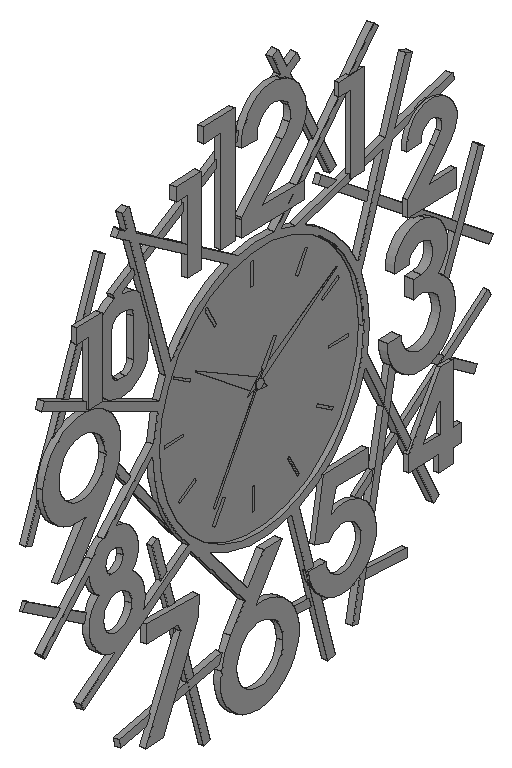
Revit family "Wall_Clock_57", category Planting, Revit 2020
Family settings
  OmniClass Number = 23.40.05.00
  OmniClass Title = Plants and Planting Products
  Work Plane-Based = No
  Always vertical = Yes
  Cut with Voids When Loaded = No
  Render Appearance Source = Family Geometry
  Shared = No
Parameters
  Height = 1 m
  Default Elevation = 0 m
Reference planes (m)
  plane 1 "Center (Front/Back)": y = 0
  plane 2: z = 0
  plane 3 "Center (Left/Right)": x = 0
Dimensions and locks (m)
  aligned and locked: level to plane 2
Nested families (m)
  nested 1: "Family1" at (0.03, 0, 0) x (-1, 0, 0) z (0, 0, 1), type "Family1"
Definition of nested family "Family1"
  Parameters
    Height = 5.7912 m
    Default Elevation = 0 m
  Reference planes (m)
    plane 1 "Center (Front/Back)": y = 0
    plane 2: z = 0
    plane 3 "Center (Left/Right)": x = 0
  Forms (m)
    Extrusion 1, solid
      sketch origin (0, 0, 0) x (0, 1, 0) y (0, 0, 1)
        loop
          circle (0.005, 1.03724) r 0.393
        loop
          arc (0.092085, 1.440954) -> (0.023332, 1.449833) -> (-0.045937, 1.447086) r 0.413
          arc (-0.045937, 1.447086) -> (-0.226383, 1.659445) -> (-0.425569, 1.854336) r 3.031287
          line (-0.425569, 1.854336) -> (-0.44116, 1.838745)
          arc (-0.44116, 1.838745) -> (-0.248317, 1.648548) -> (-0.071911, 1.443015) r 3.263591
          arc (-0.071911, 1.443015) -> (-0.100528, 1.43653) -> (-0.128612, 1.428029) r 0.413
          line (-0.128612, 1.428029) -> (-0.474495, 1.51747) -> (-0.549688, 1.71877) -> (-0.573107, 1.710022) -> (-0.504035, 1.525109) -> (-0.728868, 1.583248) -> (-0.733875, 1.563885) -> (-0.495494, 1.502243) -> (-0.378787, 1.189806)
          arc (-0.378787, 1.189806) -> (-0.406293, 1.074752) -> (-0.400055, 0.95662) r 0.413
          line (-0.400055, 0.95662) -> (-0.677973, 0.447541) -> (-0.65603, 0.435562) -> (-0.391204, 0.920659)
          arc (-0.391204, 0.920659) -> (-0.296819, 0.755327) -> (-0.138301, 0.649898) r 0.413
          line (-0.138301, 0.649898) -> (-0.275999, 0.184855) -> (-0.252028, 0.177758) -> (-0.11333, 0.641554)
          arc (-0.11333, 0.641554) -> (0.04745, 0.626427) -> (0.201739, 0.67411) r 0.413
          line (0.201739, 0.67411) -> (0.05453, 0.510618) -> (-0.004249, 0.59152) -> (-0.074249, 0.59152) -> (0.028614, 0.449942)
          arc (0.028614, 0.449942) -> (-0.112575, 0.394923) -> (-0.121271, 0.243643) r 0.140205
          arc (-0.121271, 0.243643) -> (-0.036172, 0.171926) -> (0.075106, 0.173466) r 0.159205
          arc (0.075106, 0.173466) -> (0.144557, 0.235154) -> (0.156947, 0.327215) r 0.133486
          arc (0.156947, 0.327215) -> (0.142929, 0.370785) -> (0.121365, 0.411156) r 0.255583
          line (0.121365, 0.411156) -> (0.068464, 0.483968) -> (0.27283, 0.710939) -> (0.684421, 0.453748) -> (0.697669, 0.47495) -> (0.561982, 0.559737)
          arc (0.561982, 0.559737) -> (0.656206, 0.629199) -> (0.628676, 0.742977) r 0.105761
          arc (0.628676, 0.742977) -> (0.65322, 0.776762) -> (0.660536, 0.817875) r 0.093144
          line (0.660536, 0.817875) -> (0.83338, 0.660079) -> (0.846864, 0.67485) -> (0.651155, 0.85352)
          arc (0.651155, 0.85352) -> (0.633915, 0.877051) -> (0.608915, 0.892082) r 0.073933
          line (0.608915, 0.892082) -> (0.416899, 1.067381)
          arc (0.416899, 1.067381) -> (0.41161, 1.109608) -> (0.402004, 1.151067) r 0.413
          line (0.402004, 1.151067) -> (0.844515, 1.343444) -> (0.834548, 1.366372) -> (0.394347, 1.174999)
          arc (0.394347, 1.174999) -> (0.382415, 1.204951) -> (0.368182, 1.233881) r 0.413
          line (0.368182, 1.233881) -> (0.508083, 1.664452) -> (0.557086, 1.693896) -> (0.545405, 1.713336) -> (0.518765, 1.697329) -> (0.536626, 1.7523) -> (0.51285, 1.760025) -> (0.486102, 1.677703) -> (0.092085, 1.440954)
        loop
          line (-0.160517, 1.415622) -> (-0.465953, 1.494604) -> (-0.364229, 1.222277)
          arc (-0.364229, 1.222277) -> (-0.279313, 1.336798) -> (-0.160517, 1.415622) r 0.413
        loop
          line (0.28168, 0.730617) -> (0.459618, 0.623701)
          arc (0.459618, 0.623701) -> (0.456001, 0.697312) -> (0.501344, 0.755413) r 0.105761
          arc (0.501344, 0.755413) -> (0.485138, 0.850683) -> (0.565011, 0.905083) r 0.089445
          line (0.565011, 0.905083) -> (0.417995, 1.039299)
          arc (0.417995, 1.039299) -> (0.382801, 0.870401) -> (0.28168, 0.730617) r 0.413
        loop
          line (0.351183, 1.262465) -> (0.475419, 1.644826) -> (0.122947, 1.433039)
          arc (0.122947, 1.433039) -> (0.252241, 1.368058) -> (0.351183, 1.262465) r 0.413
        loop
          circle (0.555573, 0.666622) r 0.055
        loop
          circle (0.567508, 0.813222) r 0.035
        loop
          circle (0.009861, 0.310784) r 0.09
      from 0 to 0.02
    Extrusion 2, solid
      sketch origin (0.015, 0, 0) x (0, 1, 0) y (0, 0, 1)
        loop
          line (-0.27885, 1.500222) -> (-0.100292, 1.836041) -> (0.519537, 1.524898) -> (0.516423, 1.518694)
          arc (0.516423, 1.518694) -> (0.449142, 1.490813) -> (0.421275, 1.423527) r 0.095167
          line (0.421275, 1.423527) -> (0.421275, 1.323527)
          arc (0.421275, 1.323527) -> (0.425755, 1.296767) -> (0.439576, 1.27342) r 0.074017
          arc (0.439576, 1.27342) -> (0.47812, 1.245595) -> (0.524957, 1.237463) r 0.105755
          arc (0.524957, 1.237463) -> (0.557349, 1.244438) -> (0.585993, 1.261095) r 0.105755
          arc (0.585993, 1.261095) -> (0.607163, 1.288088) -> (0.614706, 1.321553) r 0.078006
          line (0.614706, 1.321553) -> (0.614706, 1.441553)
          arc (0.614706, 1.441553) -> (0.591693, 1.489821) -> (0.546096, 1.517753) r 0.094085
          line (0.546096, 1.517753) -> (0.552825, 1.531159) -> (-0.090652, 1.854172) -> (-0.057789, 1.915978) -> (-0.079862, 1.927715) -> (-0.112725, 1.865909) -> (-0.152458, 1.887035) -> (-0.164195, 1.864961) -> (-0.124462, 1.843835) -> (-0.302158, 1.509639) -> (-0.27885, 1.500222)
        loop
          line (0.530278, 1.468174) -> (0.504028, 1.468174)
          arc (0.504028, 1.468174) -> (0.482815, 1.459387) -> (0.474028, 1.438174) r 0.03
          line (0.474028, 1.438174) -> (0.474028, 1.318174)
          arc (0.474028, 1.318174) -> (0.482815, 1.296961) -> (0.504028, 1.288174) r 0.03
          line (0.504028, 1.288174) -> (0.530278, 1.288174)
          arc (0.530278, 1.288174) -> (0.551492, 1.296961) -> (0.560278, 1.318174) r 0.03
          line (0.560278, 1.318174) -> (0.560278, 1.438174)
          arc (0.560278, 1.438174) -> (0.551492, 1.459387) -> (0.530278, 1.468174) r 0.03
        loop
          line (-0.248512, 1.508312) -> (-0.901691, 1.060513) -> (-0.887555, 1.039893) -> (-0.235974, 1.486596) -> (-0.248512, 1.508312)
      from 0 to 0.02
    Extrusion 3, solid
      sketch origin (0, 0, 0) x (0, 1, 0) y (0, 0, 1)
        loop
          line (0.722416, 1.523279) -> (0.627416, 1.523279) -> (0.627416, 1.278174) -> (0.677416, 1.278174) -> (0.677416, 1.478279) -> (0.722416, 1.478279) -> (0.722416, 1.523279)
      from -0.009741 to 0.007275
    Extrusion 4, solid
      sketch origin (0, 0, 0) x (0, 1, 0) y (0, 0, 1)
        loop
          arc (0.677754, 0.982534) -> (0.795365, 1.01387) -> (0.840916, 1.126739) r 0.136146
          arc (0.840916, 1.126739) -> (0.760296, 1.250181) -> (0.612862, 1.249409) r 0.15412
          arc (0.612862, 1.249409) -> (0.561503, 1.198091) -> (0.545393, 1.127297) r 0.130892
          arc (0.545393, 1.127297) -> (0.558595, 1.063612) -> (0.5897, 1.006493) r 0.221837
          line (0.5897, 1.006493) -> (0.712889, 0.843016) -> (0.782889, 0.843016) -> (0.677754, 0.982534)
        loop
          circle (0.691883, 1.122355) r 0.09
      from 0 to 0.02
    Extrusion 5, solid
      sketch origin (0, 0, 0) x (0, 1, 0) y (0, 0, 1)
        loop
          line (0.452088, 0.591769) -> (0.253479, 0.585085) -> (0.257664, 0.525232) -> (0.391367, 0.251099) -> (0.456367, 0.251099) -> (0.32244, 0.513946) -> (0.332106, 0.534675) -> (0.452088, 0.536769) -> (0.452088, 0.591769)
      from -0.007456 to 0.009866
    Extrusion 6, solid
      sketch origin (0, 0, 0) x (0, 1, 0) y (0, 0, 1)
        loop
          line (-0.393163, 0.704134) -> (-0.393163, 0.649134) -> (-0.273163, 0.649134) -> (-0.253077, 0.587315) -> (-0.255425, 0.580864)
          arc (-0.255425, 0.580864) -> (-0.396083, 0.550759) -> (-0.406319, 0.407281) r 0.119732
          arc (-0.406319, 0.407281) -> (-0.266945, 0.35086) -> (-0.166738, 0.462962) r 0.130673
          line (-0.166738, 0.462962) -> (-0.231738, 0.462962)
          arc (-0.231738, 0.462962) -> (-0.365802, 0.452922) -> (-0.244679, 0.511258) r 0.068413
          line (-0.244679, 0.511258) -> (-0.191553, 0.525493) -> (-0.226277, 0.704134) -> (-0.393163, 0.704134)
      from -0.008194 to 0.008022
    Extrusion 7, solid
      sketch origin (0, 0, 0) x (0, 1, 0) y (0, 0, 1)
        loop
          line (-0.719571, 0.516903) -> (-0.664787, 0.516903) -> (-0.664787, 0.566903) -> (-0.549787, 0.566903) -> (-0.549787, 0.616903) -> (-0.674571, 0.801903) -> (-0.719571, 0.801903) -> (-0.719571, 0.616903) -> (-0.749571, 0.616903) -> (-0.749571, 0.561903) -> (-0.719571, 0.561903) -> (-0.719571, 0.516903)
        loop
          line (-0.672686, 0.711498) -> (-0.672686, 0.616903) -> (-0.602686, 0.616903) -> (-0.666491, 0.711498) -> (-0.672686, 0.711498)
      from -0.008194 to 0.004464
    Extrusion 8, solid
      sketch origin (0, 0, 0) x (0, 1, 0) y (0, 0, 1)
        loop
          line (-0.57165, 1.033) -> (-0.57165, 1.087608) -> (-0.60165, 1.087608)
          arc (-0.60165, 1.087608) -> (-0.631727, 1.167182) -> (-0.552153, 1.137105) r 0.046667
          line (-0.552153, 1.137105) -> (-0.497153, 1.137105)
          arc (-0.497153, 1.137105) -> (-0.532856, 1.216482) -> (-0.61744, 1.237002) r 0.099015
          arc (-0.61744, 1.237002) -> (-0.682214, 1.191753) -> (-0.696021, 1.113955) r 0.103236
          arc (-0.696021, 1.113955) -> (-0.684118, 1.087103) -> (-0.662689, 1.067015) r 0.073847
          arc (-0.662689, 1.067015) -> (-0.664141, 0.842583) -> (-0.470485, 0.956026) r 0.129105
          line (-0.470485, 0.956026) -> (-0.520301, 0.956026)
          arc (-0.520301, 0.956026) -> (-0.661065, 0.917738) -> (-0.57165, 1.033) r 0.076909
      from -0.007456 to 0.02
    Extrusion 9, solid
      sketch origin (0, 0, 0) x (0, 1, 0) y (0, 0, 1)
        loop
          line (-0.728916, 1.325559) -> (-0.728916, 1.270559) -> (-0.543916, 1.270559) -> (-0.543916, 1.320559) -> (-0.646446, 1.423089)
          arc (-0.646446, 1.423089) -> (-0.659452, 1.437876) -> (-0.670463, 1.454202) r 0.153948
          arc (-0.670463, 1.454202) -> (-0.674282, 1.474537) -> (-0.66433, 1.492676) r 0.030697
          arc (-0.66433, 1.492676) -> (-0.615152, 1.498144) -> (-0.593516, 1.453644) r 0.042912
          line (-0.593516, 1.453644) -> (-0.538516, 1.453644)
          arc (-0.538516, 1.453644) -> (-0.58368, 1.544222) -> (-0.68489, 1.543398) r 0.095546
          arc (-0.68489, 1.543398) -> (-0.700606, 1.531451) -> (-0.714114, 1.517055) r 0.118173
          arc (-0.714114, 1.517055) -> (-0.729687, 1.479927) -> (-0.723732, 1.440107) r 0.074718
          arc (-0.723732, 1.440107) -> (-0.709574, 1.414931) -> (-0.691091, 1.392734) r 0.158858
          line (-0.691091, 1.392734) -> (-0.623916, 1.325559) -> (-0.728916, 1.325559)
      from -0.011193 to 0.004464
    Extrusion 10, solid
      sketch origin (0, 0, 0) x (0, 1, 0) y (0, 0, 1)
        loop
          line (-0.286104, 1.753963) -> (-0.381104, 1.753963) -> (-0.381104, 1.468963) -> (-0.331104, 1.468963) -> (-0.331104, 1.713963) -> (-0.286104, 1.713963) -> (-0.286104, 1.753963)
      from -0.00628 to 0.007551
    Extrusion 11, solid
      sketch origin (0, 0, 0) x (0, 1, 0) y (0, 0, 1)
        loop
          line (0.329504, 1.735009) -> (0.234504, 1.735009) -> (0.234504, 1.465009) -> (0.284504, 1.465009) -> (0.284504, 1.695009) -> (0.329504, 1.695009) -> (0.329504, 1.735009)
        loop
          line (0.223956, 1.852792) -> (0.103956, 1.852792) -> (0.103956, 1.487792) -> (0.158956, 1.487792) -> (0.158956, 1.807792) -> (0.223956, 1.807792) -> (0.223956, 1.852792)
        loop
          arc (0.078022, 1.731073) -> (0.034994, 1.834804) -> (-0.075338, 1.855746) r 0.118202
          arc (-0.075338, 1.855746) -> (-0.138416, 1.812094) -> (-0.166127, 1.740564) r 0.130665
          arc (-0.166127, 1.740564) -> (-0.159129, 1.697217) -> (-0.133493, 1.661571) r 0.095596
          line (-0.133493, 1.661571) -> (0.002355, 1.543481) -> (0.002355, 1.538481) -> (-0.157645, 1.538481) -> (-0.157645, 1.486542) -> (0.078956, 1.486542) -> (0.078956, 1.535981) -> (0.078956, 1.540981) -> (-0.078285, 1.68761)
          arc (-0.078285, 1.68761) -> (-0.093295, 1.704742) -> (-0.104569, 1.724533) r 0.113134
          arc (-0.104569, 1.724533) -> (-0.108837, 1.748053) -> (-0.101877, 1.770923) r 0.05081
          arc (-0.101877, 1.770923) -> (-0.023532, 1.800819) -> (0.023022, 1.731073) r 0.067231
          line (0.023022, 1.731073) -> (0.078022, 1.731073)
      from 0 to 0.02
    Extrusion 12, solid
      sketch origin (0, 0, 0) x (0, 1, 0) y (0, 0, 1)
        loop
          line (-0.849925, 1.327953) -> (-0.869232, 1.316806) -> (-0.723696, 0.989927) -> (-0.711925, 1.017999) -> (-0.849925, 1.327953)
        loop
          line (-0.661172, 0.84092) -> (-0.839262, 0.729637) -> (-0.830711, 0.706145) -> (-0.633008, 0.829684) -> (-0.661172, 0.84092)
      from 0.015 to 0.035
    Extrusion 13, solid
      sketch origin (0, 0, 0) x (0, 1, 0) y (0, 0, 1)
        loop
          line (-0.875371, 0.920987) -> (-0.886042, 0.902504) -> (-0.383303, 0.563403) -> (-0.364595, 0.576464) -> (-0.875371, 0.920987)
      from 0.008022 to 0.02
    Extrusion 14, solid
      sketch origin (0, 0, 0) x (0, 1, 0) y (0, 0, 1)
        loop
          line (-0.490456, 0.886427) -> (-0.508463, 0.862921) -> (-0.367395, 0.228413) -> (-0.345257, 0.233335) -> (-0.490456, 0.886427)
      from 0 to 0.02
    Extrusion 15, solid
      sketch origin (0, 0, 0) x (0, 1, 0) y (0, 0, 1)
        loop
          line (-0.57205, 0.341948) -> (-0.57205, 0.316733) -> (-0.134968, 0.347297) -> (-0.125551, 0.373171) -> (-0.57205, 0.341948)
      from 0.013042 to 0.028833
    Extrusion 16, solid
      sketch origin (0, 0, 0) x (0, 1, 0) y (0, 0, 1)
        loop
          line (0.412244, 0.781181) -> (0.388728, 0.78974) -> (0.187746, 0.150595) -> (0.211595, 0.143096) -> (0.412244, 0.781181)
      from 0.009866 to 0.025443
    Extrusion 17, solid
      sketch origin (0, 0, 0) x (0, 1, 0) y (0, 0, 1)
        loop
          line (0.143007, 0.370601) -> (0.154637, 0.343164) -> (0.528864, 0.277178) -> (0.533205, 0.301798) -> (0.143007, 0.370601)
      from 0.009866 to 0.028321
    Extrusion 18, solid
      sketch origin (0, 0, 0) x (0, 1, 0) y (0, 0, 1)
        loop
          line (0.656115, 0.701398) -> (0.662053, 0.675959) -> (0.89588, 0.810959) -> (0.88338, 0.832609) -> (0.656115, 0.701398)
      from 0.016888 to 0.026605
    Extrusion 19, solid
      sketch origin (0, 0, 0) x (0, 1, 0) y (0, 0, 1)
        loop
          line (0.545551, 1.073382) -> (0.38949, 0.886455) -> (0.367654, 0.839625) -> (0.322035, 0.772555) -> (0.560613, 1.05832) -> (0.545551, 1.073382)
      from 0.016475 to 0.029735
    Extrusion 20, solid
      sketch origin (0, 0, 0) x (0, 1, 0) y (0, 0, 1)
        loop
          line (0.599008, 1.665) -> (0.577178, 1.652396) -> (0.860193, 0.974069) -> (0.883265, 0.983695) -> (0.599008, 1.665)
      from 0.02 to 0.036128
    Extrusion 21, solid
      sketch origin (0, 0, 0) x (0, 1, 0) y (0, 0, 1)
        loop
          circle (-0.000625, 1.047375) r 0.013081
      from 0.007584 to 0.024034
    Extrusion 22, solid
      sketch origin (0, 0, 0) x (0, 1, 0) y (0, 0, 1)
        loop
          circle (0.005, 1.03724) r 0.393
      from 0.016858 to 0.02
    Extrusion 23, solid
      sketch origin (0, 0, 0) x (0, 1, 0) y (0, 0, 1)
        loop
          line (0.235578, 1.182594) -> (-0.004102, 1.060471) -> (-0.03503, 1.023613) -> (0.014597, 1.029706) -> (0.237868, 1.180304) -> (0.235578, 1.182594)
      from 0.015543 to 0.016888
    Extrusion 24, solid
      sketch origin (0, 0, 0) x (0, 1, 0) y (0, 0, 1)
        loop
          line (0.037768, 1.024925) -> (-0.004658, 1.067352) -> (-0.300345, 1.235189) -> (-0.302686, 1.232848) -> (-0.013581, 1.049174) -> (0.037768, 1.024925)
      from 0.013331 to 0.015
    Extrusion 25, solid
      sketch origin (0, 0, 0) x (0, 1, 0) y (0, 0, 1)
        loop
          line (-0.060062, 1.150641) -> (-0.068723, 1.145641) -> (-0.025, 1.07567) -> (-0.018473, 1.073294) -> (0.165715, 0.775679) -> (0.169361, 0.777935) -> (-0.016295, 1.075048) -> (-0.015535, 1.081364) -> (-0.060062, 1.150641)
      from 0.012739 to 0.013331
    Extrusion 26, solid
      sketch origin (0, -0.003144, -0.002096) x (0, 1, 0) y (0, 0, 1)
        loop
          line (0.027039, 1.392076) -> (0.02, 1.392076) -> (0.02, 1.322076) -> (0.027039, 1.322076) -> (0.027039, 1.392076)
      from 0.015348 to 0.016858
    Extrusion 27, solid
      sketch origin (0, -0.543389, 0.149168) x (0, 0.857167, -0.515038) y (0, 0.515038, 0.857167)
        loop
          line (0.027039, 1.39807) -> (0.02, 1.39807) -> (0.02, 1.328341) -> (0.027039, 1.328341) -> (0.027039, 1.39807)
      from 0.015348 to 0.016858
    Extrusion 28, solid
      sketch origin (0, -0.919353, 0.540847) x (0, 0.48481, -0.87462) y (0, 0.87462, 0.48481)
        loop
          line (0.027039, 1.405649) -> (0.02, 1.405649) -> (0.02, 1.333823) -> (0.027039, 1.333823) -> (0.027039, 1.405649)
      from 0.015348 to 0.016858
    Extrusion 29, solid
      sketch origin (0, -0.907741, 1.573532) x (0, -0.5, -0.866025) y (0, 0.866025, -0.5)
        loop
          line (0.027039, 1.406723) -> (0.02, 1.406723) -> (0.02, 1.337475) -> (0.027039, 1.337475) -> (0.027039, 1.406723)
      from 0.015348 to 0.016858
    Extrusion 30, solid
      sketch origin (0, -0.53951, 1.946722) x (0, -0.857167, -0.515038) y (0, 0.515038, -0.857167)
        loop
          line (0.027039, 1.409901) -> (0.02, 1.409901) -> (0.02, 1.336502) -> (0.027039, 1.336502) -> (0.027039, 1.409901)
      from 0.015348 to 0.016858
    Extrusion 31, solid
      sketch origin (0, -1.049724, 1.049541) x (0, 0, -1) y (0, 1, 0)
        loop
          line (0.027039, 1.405649) -> (0.02, 1.405649) -> (0.02, 1.333823) -> (0.027039, 1.333823) -> (0.027039, 1.405649)
      from 0.015348 to 0.016858
    Extrusion 32, solid
      sketch origin (0, 0.553389, 0.149168) x (0, -0.857167, -0.515038) y (0, 0.515038, -0.857167)
        loop
          line (0.027039, -1.39807) -> (0.027039, -1.328341) -> (0.02, -1.328341) -> (0.02, -1.39807) -> (0.027039, -1.39807)
      from 0.015348 to 0.016858
    Extrusion 33, solid
      sketch origin (0, 0.929353, 0.540847) x (0, -0.48481, -0.87462) y (0, 0.87462, -0.48481)
        loop
          line (0.027039, -1.405649) -> (0.027039, -1.333823) -> (0.02, -1.333823) -> (0.02, -1.405649) -> (0.027039, -1.405649)
      from 0.015348 to 0.016858
    Extrusion 34, solid
      sketch origin (0, 0.917741, 1.573532) x (0, 0.5, -0.866025) y (0, 0.866025, 0.5)
        loop
          line (0.027039, -1.406723) -> (0.027039, -1.337475) -> (0.02, -1.337475) -> (0.02, -1.406723) -> (0.027039, -1.406723)
      from 0.015348 to 0.016858
    Extrusion 35, solid
      sketch origin (0, 0.54951, 1.946722) x (0, 0.857167, -0.515038) y (0, 0.515038, 0.857167)
        loop
          line (0.027039, -1.409901) -> (0.027039, -1.336502) -> (0.02, -1.336502) -> (0.02, -1.409901) -> (0.027039, -1.409901)
      from 0.015348 to 0.016858
    Extrusion 36, solid
      sketch origin (0, 1.059724, 1.049541) x (0, 0, -1) y (0, 1, 0)
        loop
          line (0.027039, -1.405649) -> (0.027039, -1.333823) -> (0.02, -1.333823) -> (0.02, -1.405649) -> (0.027039, -1.405649)
      from 0.015348 to 0.016858
    Extrusion 37, solid
      sketch origin (0, -0.008144, 2.091847) x (0, 1, 0) y (0, 0, 1)
        loop
          line (0.027039, -1.392076) -> (0.027039, -1.322076) -> (0.02, -1.322076) -> (0.02, -1.392076) -> (0.027039, -1.392076)
      from 0.015348 to 0.016858
  Dimensions and locks (m)
    aligned and locked: level to plane 2
